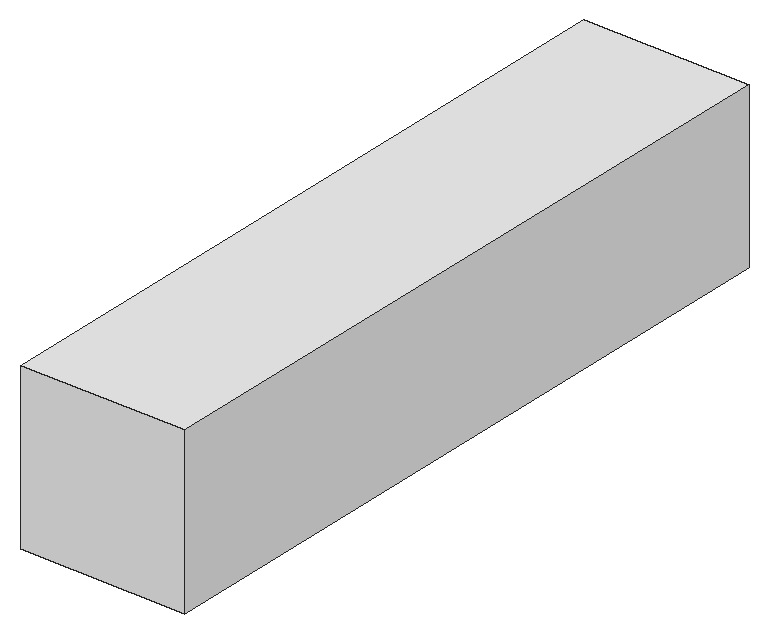
Revit family "Sanitary_Accessories_57110-PRESTO-Linea-Wall-mounted-sensor-mixer-FR", category Pipe Accessories, Revit 2018
Family settings
  Round Connector Dimension = Use Diameter
  Part Type = Normal
  Work Plane-Based = No
  Always vertical = Yes
  Cut with Voids When Loaded = No
  Shared = No
Parameters (values of type "57110 PRESTO Linea  - Mitigeur électronique mural pour lavabo")
  Youtube clip = ""
  Weight Net (Kg) = ""
  Uniformat II Description = ""
  Uniformat II Code = ""
  Uniclass 2015 Name = ""
  Uniclass 2015 Code = ""
  Uniclass 2.0 Description = ""
  Uniclass 2.0 Code = ""
  Uniclass 1.4 Description = ""
  Uniclass 1.4 Code = ""
  URL du produit = "http://www.prestodatashare.com/centretelechargement/index.php?lang=FR&refs=57110"
  URL = "http://www.presto.fr"
  UNSPSC Code = ""
  Technical description = "http://www.prestodatashare.com/espacedoc/Fiches_Techniques/GB/57110.pdf"
  Region South America = ""
  Region Oceania = ""
  Region North America = ""
  Region Middle East = ""
  Region Europe = ""
  Region Asia = ""
  Region Antarctica = ""
  Region Africa = ""
  Raccordement = "Alimentation hydraulique : Flexibles G 3/8'' (12x17)\r\nAlimentation électrique : Pile lithium 6V CR 123 intégrée dans le corps du robinet"  # constant formula
  QR code = "https://www.bimobject.com/presto/product/pre-linea-57110"
  Profondeur = 257.5 mm  # constant formula
  Product url = "http://www.prestodatashare.com/centretelechargement/index.php?lang=GB&refs=57110"
  Product name = "57110 PRESTO Linea - Wall-mounted sensor mixer"
  Product group = "Washbasin"
  Product family = "Sanitary"
  Product data url = "https://www.bimobject.com/presto/product/pre-linea-57110"
  Product certification = ""
  Product SKU = "PRE-LINEA-57110"
  Product Guid = "25f60f3c-09b5-44f8-8b02-f2accc2a3fd6"
  Pression [instance] = "1 à 5 bars"  # constant formula
  Perte de charge [instance] = 5.00 bar
  OmniClass Description = ""
  OmniClass Code = ""
  NBS Reference Description = ""
  NBS Reference Code = ""
  Model = "57110"
  Matériau [instance] = Corps en laiton chromé, intérieur lisse
  Masterformat 2014 Description = ""
  Masterformat 2014 Code = ""
  Manufacturer name = "Presto"
  Manufacturer country = ""
  Manufacturer = "LES ROBINETS PRESTO S.A."  # constant formula
  Lien notice d'utilisation = "http://www.prestodatashare.com/centretelechargement/support.php?ref=57110&lang=FR"
  Lien fiche produit = "http://www.prestodatashare.com/espacedoc/Fiches_Techniques/FR/57110.pdf"
  Lien CCTP = "http://www.prestodatashare.com/centretelechargement/index.php?lang=FR&refs=57110"
  Largeur = 60 mm  # constant formula
  Installation instructions = "http://www.prestodatashare.com/centretelechargement/support.php?ref=57110&lang=GB"
  IFC Classification = ""
  Hauteur = 60 mm  # constant formula
  Garantie = "10 ans"  # constant formula
  Fonction = "Débit : 1,9 l/mn par régulateur de débit intégré\r\nAérateur anti-tartre haute qualité\r\n"  # constant formula
  Flux = 1.9 L/min
  Edition number = 1
  EAN code = ""
  Diamètre Nominal = 9.5 mm  # constant formula
  Design country = ""
  Description = "Traversée de cloison, Pile, 1,9l/min sans robinets d'arrêt\r\nDéclenchement sans contact adapté PMR"  # constant formula
  Date of publishing = ""
  COBIe Type Category = ""
  Brand url = ""
  BIMobject category = "Sanitary Accessories"
  Adresse = "7, RUE RACINE - 92542 MONTROUGE CEDEX FRANCE"  # constant formula
Reference planes
  plane 1 "Center (Front/Back)": y = 0
  plane 2: z = 0
  plane 3 "Center (Left/Right)": x = 0
  plane 4: x = -30
  plane 5: x = 30
  plane 6: y = -257.5
  plane 7: z = 60
Forms (mm)
  Extrusion 1, solid, material "Corps en laiton chromé, intérieur lisse" <- "Matériau", detail levels fine
    sketch origin (0, 0, 0) x (1, 0, 0) y (0, 1, 0)
      loop
        line (-30, 0) -> (-30, -257.5) -> (30, -257.5) -> (30, 0) -> (-30, 0)
    from 0 to 60
Lines and regions (mm)
  symbolic lines
    curve 1: line (-30, 0, 0) -> (30, 0, 0)
    curve 2: line (30, 0, 0) -> (-30, -257.5, 0)
    curve 3: line (-30, -257.5, 0) -> (30, -257.5, 0)
    curve 4: line (30, -257.5, 0) -> (-30, 0, 0)
  model lines, detail levels coarse+medium
    curve 5: line (-30, -257.5, 30) -> (30, -257.5, 30)
    curve 6: line (30, -257.5, 30) -> (-30, 0, 30)
    curve 7: line (-30, 0, 30) -> (30, 0, 30)
    curve 8: line (30, 0, 30) -> (-30, -257.5, 30)
Dimensions and locks
  equal spacing: plane 4, plane 3 "Center (Left/Right)", plane 5
  "Largeur": plane 4 to plane 5
  "Hauteur": plane 7 to level
  "Profondeur": plane 6 to plane 1 "Center (Front/Back)"
  aligned and locked: plane 2 to level
  aligned and locked: Extrusion 1 sketch curve to plane 4
  aligned and locked: plane 5 to Extrusion 1 sketch curve
  aligned and locked: Extrusion 1 sketch curve to plane 6
  aligned and locked: plane 7 to Extrusion 1
  aligned and locked: Extrusion 1 to plane 1 "Center (Front/Back)"
  aligned and locked: plane 6 to Extrusion 1
  aligned and locked: plane 4 to curve 4
  aligned and locked: curve 3 to plane 4
  aligned and locked: plane 5 to curve 2
  aligned and locked: plane 5 to curve 4
  aligned and locked: plane 6 to curve 4
  aligned and locked: plane 6 to curve 3
  aligned and locked: plane 1 "Center (Front/Back)" to curve 4
  aligned and locked: plane 1 "Center (Front/Back)" to curve 2
Automatic sketch dimensions
  plane 1 "Center (Front/Back)" to Extrusion 1 sketch curve = 0 mm
  curve 8 to plane 4 = 0 mm
  plane 1 "Center (Front/Back)" to curve 7 = 0 mm
  curve 7 to plane 4 = 0 mm
  curve 7 to plane 5 = 0 mm
  curve 6 to plane 5 = 0 mm
  plane 6 to curve 5 = 0 mm
Connectors
  piping at (0, 0, 30), diameter 9.5, driven by "Diamètre Nominal", driven by "Flux", driven by "Perte de charge"
    settings: on Extrusion 1, index 1, connector inside diameter 24", connector length 0 mm, flow factor 0, pipe flow 1.9 L/min, pressure drop 5.00 bar, fitting loss kfactor 0, connector angle 0.00°, fixture units 0, engagement length 0 mm, angle of deflection 0.00°, flow configuration 0, flow direction 1, fitting loss method 4, system type 20, joint type 0, gender type 0, connector reference index -1, connector utility 0, adjustable connector no, is connector primary yes, connector description "Water input"
